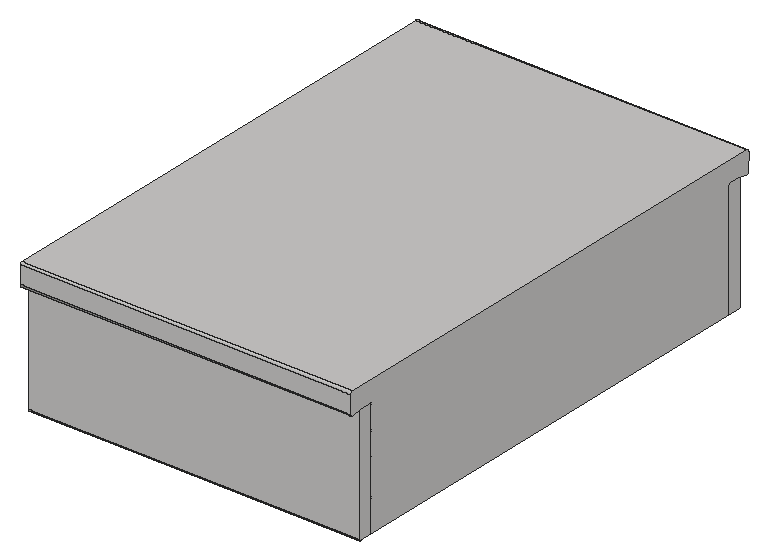
Revit family "QF_ELECTROLUXPROFESSIONAL_589160_MCNABAFOOO", category Specialty Equipment, Revit 2018
Family settings
  Round Connector Dimension = Use Diameter
  Part Type = Normal
  Work Plane-Based = No
  Always vertical = Yes
  Cut with Voids When Loaded = No
  Shared = No
  Room Calculation Point = No
Parameters
  Weight in Pounds = 55.11
  URL Cutsheet = "www.electrolux.com/professional"
  URL = "www.electrolux.com/professional"
  Type Mark [instance] = ""
  Status [instance] = ""
  Specification by User [instance] = ""
  Specification by Manufacturer = ""
  Serial Number = ""
  Seismic Rating = ""
  SMACNA No = ""
  Revision Code [instance] = ""
  Omniclass Number and Title = ""
  NAFEM Spec ID Number = ""
  Model = "589160"
  Masterspec = ""
  Manufacturer = "ELECTROLUX"
  Item Number [instance] = ""
  Installed By [instance] = ""
  Identify Quantity as Lot [instance] = yes
  Furnished By [instance] = ""
  Foodservice Equipment Identifier [instance] = yes
  Direct Waste Size = 0"
  Description = "WORK TOP,CLOSED,1-SIDE,600X900X250H"
  CSI MasterFormat = ""
  CSI Master Format = ""
Reference planes
  plane 1 "BACK": y = 0
  plane 2: z = 0
  plane 3 "LEFT": x = 0
  plane 4 "RIGHT": x = 600
  plane 5 "FRONT": y = -900
  plane 6 "TOP": z = 250
  plane 7 "Center Y": x = 300
  plane 8 "Center X": y = -450
Forms (mm)
  Extrusion 1, solid, material "QF_Finishes_Stainless Steel"
    sketch origin (0, 50.048, 0) x (0, 1, 0) y (0, 0, 1)
      loop
        line (-95.048, 213) -> (-71.412, 213) -> (-54.743, 210.061)
        arc (-54.743, 210.061) -> (-51.477, 210.936) -> (-50.048, 214) r 4
        line (-50.048, 214) -> (-50.048, 246)
        arc (-50.048, 246) -> (-51.22, 248.828) -> (-54.048, 250) r 4
        line (-54.048, 250) -> (-946.048, 250)
        arc (-946.048, 250) -> (-948.877, 248.828) -> (-950.048, 246) r 4
        line (-950.048, 246) -> (-950.048, 214)
        arc (-950.048, 214) -> (-948.619, 210.936) -> (-945.353, 210.061) r 4
        line (-945.353, 210.061) -> (-928.509, 213) -> (-905.048, 213) -> (-905.048, 0) -> (-95.048, 0) -> (-95.048, 213)
    from 0 to 600
  Extrusion 2, solid, material "QF_Finishes_Stainless Steel"
    sketch origin (0, 50.048, 0) x (0, 1, 0) y (0, 0, 1)
      loop
        arc (-928.048, 213) -> (-929.462, 212.414) -> (-930.048, 211) r 2
        line (-930.048, 211) -> (-930.048, 2)
        arc (-930.048, 2) -> (-929.462, 0.586) -> (-928.048, 0) r 2
        line (-928.048, 0) -> (-905.048, 0) -> (-905.048, 213) -> (-928.048, 213)
      loop
        line (-72.048, 213) -> (-95.048, 213) -> (-95.048, 0) -> (-72.048, 0)
        arc (-72.048, 0) -> (-70.634, 0.586) -> (-70.048, 2) r 2
        line (-70.048, 2) -> (-70.048, 211)
        arc (-70.048, 211) -> (-70.634, 212.414) -> (-72.048, 213) r 2
    from 0 to 600
Lines and regions (mm)
  symbolic lines
    curve 1: line (0, 0, 0) -> (600, 0, 0)
    curve 2: line (0, -900, 0) -> (0, 0, 0)
    curve 3: line (600, -900, 0) -> (0, -900, 0)
    curve 4: line (600, 0, 0) -> (600, -900, 0)
Dimensions and locks
  equal spacing: plane 3 "LEFT", plane 7 "Center Y", plane 4 "RIGHT"
  plane 3 "LEFT" to plane 4 "RIGHT" = 600.00 mm
  equal spacing: plane 5 "FRONT", plane 8 "Center X", plane 1 "BACK"
  plane 5 "FRONT" to plane 1 "BACK" = 900.00 mm
  plane 6 "TOP" to level = 250.00 mm
  aligned and locked: level to plane 2
  aligned and locked: Extrusion 1 to plane 4 "RIGHT"
  aligned and locked: Extrusion 2 to plane 4 "RIGHT"
Automatic sketch dimensions
  Extrusion 1 sketch curve to plane 6 "TOP" = 0.00 mm
  Extrusion 1 sketch curve to level = 0.00 mm
  Extrusion 1 sketch curve to plane 6 "TOP" = 36.00 mm
  plane 5 "FRONT" to Extrusion 1 sketch curve = 0.00 mm
  Extrusion 1 sketch curve to plane 6 "TOP" = 39.939 mm
  Extrusion 1 sketch curve to Extrusion 1 sketch curve = 4.00 mm
  Extrusion 1 sketch curve to Extrusion 1 sketch curve = 4.695 mm  (x2)
  Extrusion 1 sketch curve to Extrusion 1 sketch curve = 16.844 mm
  Extrusion 1 sketch curve to plane 5 "FRONT" = 45.00 mm
  plane 1 "BACK" to Extrusion 1 sketch curve = 45.00 mm
  Extrusion 1 sketch curve to Extrusion 1 sketch curve = 23.636 mm
  Extrusion 1 sketch curve to Extrusion 1 sketch curve = 17.364 mm
  Extrusion 1 sketch curve to Extrusion 1 sketch curve = 21.364 mm
  Extrusion 1 sketch curve to Extrusion 1 sketch curve = 0.00 mm  (x2)
  Extrusion 1 sketch curve to Extrusion 1 sketch curve = 0.695 mm
  Extrusion 1 sketch curve to plane 6 "TOP" = 37.00 mm  (x2)
  Extrusion 1 sketch curve to Extrusion 1 sketch curve = 1.00 mm
  Extrusion 2 sketch curve to level = 0.00 mm  (x2)
  level to Extrusion 2 sketch curve = 2.00 mm  (x2)
  Extrusion 2 sketch curve to plane 5 "FRONT" = 20.00 mm
  Extrusion 2 sketch curve to Extrusion 2 sketch curve = 2.00 mm
  Extrusion 2 sketch curve to Extrusion 2 sketch curve = 23.00 mm
  plane 1 "BACK" to Extrusion 2 sketch curve = 45.00 mm
  plane 1 "BACK" to Extrusion 2 sketch curve = 22.00 mm  (x2)
  Extrusion 2 sketch curve to plane 6 "TOP" = 39.00 mm  (x2)
  curve 3 to plane 3 "LEFT" = 0.00 mm
  curve 3 to plane 4 "RIGHT" = 0.00 mm
  plane 1 "BACK" to curve 2 = 0.00 mm
  curve 4 to plane 5 "FRONT" = 0.00 mm
